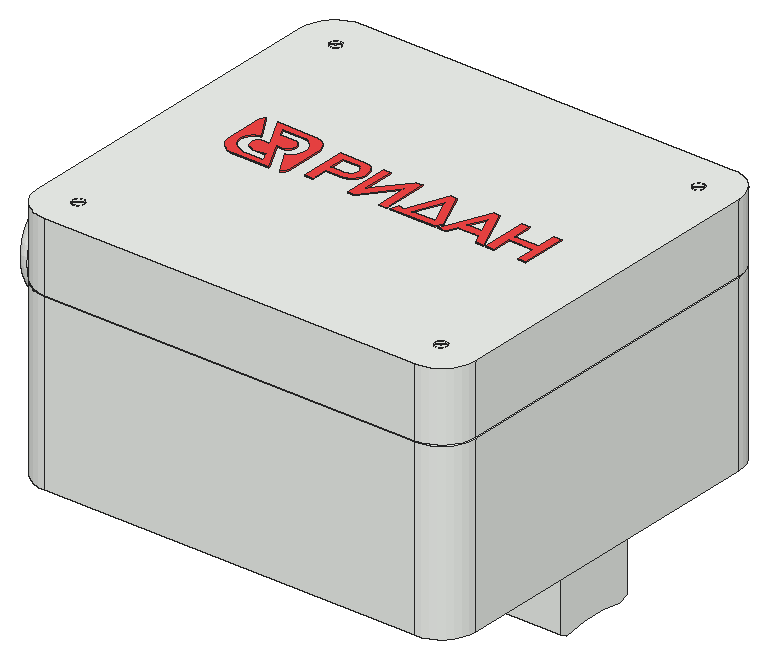
Revit family "РИДАН_Датчик температуры накладной MBT3381R", category Арматура трубопроводов, Revit 2019
Family settings
  Размер круглого соединителя = Использовать диаметр
  Тип детали = Нормальный
  На основе рабочей плоскости = Нет
  Всегда вертикально = Нет
  При загрузке вырезать с полостями = Нет
  Общий = Нет
Parameters (values of type "MBT3381R")
  Контакты_Производитель = "info@ridan.ru"  # constant formula
  ADSK_Наименование = "Датчик температуры накладной"
  ADSK_Масса_Текст = ""
  ADSK_Масса = 0
  ADSK_Марка = "MBT3381R"
  ADSK_Количество = 1  # constant formula
  ADSK_Код изделия = "097U1113R"
  ADSK_Завод-изготовитель = "ООО «Ридан-Трейд»"  # constant formula
  ADSK_Единица измерения = "шт."
  ADSK_Версия семейства = "1.0"  # constant formula
  ADSK_Версия Revit = "2019"  # constant formula
Reference planes
  plane 1 "По центру (Вперед/Назад)": y = 0
  plane 2: z = 0
  plane 3 "По центру (Влево/Вправо)": x = 0
  plane 4: x = -31.906
  plane 5: x = -31.906
  plane 6: x = -31.906
  plane 7: z = 22.884
Forms (mm)
  Extrusion 1, solid, material "Белый", detail levels fine
    sketch origin (0, 0, 9.884) x (1, 0, 0) y (0, 1, 0)
      loop
        line (-31.906, 23.9) -> (-31.906, -24.1)
        arc (-31.906, -24.1) -> (-30.441, -27.635) -> (-26.906, -29.1) r 5
        line (-26.906, -29.1) -> (27.094, -29.1)
        arc (27.094, -29.1) -> (30.63, -27.635) -> (32.094, -24.1) r 5
        line (32.094, -24.1) -> (32.094, 23.9)
        arc (32.094, 23.9) -> (30.63, 27.436) -> (27.094, 28.9) r 5
        line (27.094, 28.9) -> (-26.906, 28.9)
        arc (-26.906, 28.9) -> (-30.441, 27.436) -> (-31.906, 23.9) r 5
    from 25.5 to 35.5
  Extrusion 2, solid, material "Белый", detail levels fine
    sketch origin (0, 0, -15.616) x (1, 0, 0) y (0, 1, 0)
      loop
        line (-31.906, 23.9) -> (-31.906, -24.1)
        arc (-31.906, -24.1) -> (-30.441, -27.635) -> (-26.906, -29.1) r 5
        line (-26.906, -29.1) -> (27.094, -29.1)
        arc (27.094, -29.1) -> (30.63, -27.635) -> (32.094, -24.1) r 5
        line (32.094, -24.1) -> (32.094, 23.9)
        arc (32.094, 23.9) -> (30.63, 27.436) -> (27.094, 28.9) r 5
        line (27.094, 28.9) -> (-26.906, 28.9)
        arc (-26.906, 28.9) -> (-30.441, 27.436) -> (-31.906, 23.9) r 5
    from 25.5 to 50.8
  Extrusion 3, solid, detail levels fine
    sketch origin (0, 0, 9.884) x (1, 0, 0) y (0, 1, 0)
      loop
        arc (-26.906, 27.9) -> (-29.734, 26.729) -> (-30.906, 23.9) r 4
        line (-30.906, 23.9) -> (-30.906, -24.1)
        arc (-30.906, -24.1) -> (-29.734, -26.928) -> (-26.906, -28.1) r 4
        line (-26.906, -28.1) -> (27.094, -28.1)
        arc (27.094, -28.1) -> (29.923, -26.928) -> (31.094, -24.1) r 4
        line (31.094, -24.1) -> (31.094, 23.9)
        arc (31.094, 23.9) -> (29.923, 26.729) -> (27.094, 27.9) r 4
        line (27.094, 27.9) -> (-26.906, 27.9)
    from 24.5 to 25.5
  Revolve 4, solid, material "Сталь нержавеющая", detail levels fine
    sketch origin (0.594, 23.4, 9.884) x (1, 0, 0) y (0, 0, 1)
      loop
        line (-27, 34.5) -> (-27, 35.504)
        arc (-27, 35.504) -> (-28.651, 35.271) -> (-30.129, 34.5) r 4.909
        line (-30.129, 34.5) -> (-27, 34.5)
      axis (-27, 34.5) -> (-27, 35.504)
    angle from 0 to 360
  Revolve 5, solid, material "Сталь нержавеющая", detail levels fine
    sketch origin (53.594, 23.4, 9.884) x (1, 0, 0) y (0, 0, 1)
      loop
        line (-27, 34.5) -> (-27, 35.504)
        arc (-27, 35.504) -> (-28.651, 35.271) -> (-30.129, 34.5) r 4.909
        line (-30.129, 34.5) -> (-27, 34.5)
      axis (-27, 34.5) -> (-27, 35.504)
    angle from 0 to 360
  Revolve 6, solid, material "Сталь нержавеющая", detail levels fine
    sketch origin (53.594, -23.6, 9.884) x (1, 0, 0) y (0, 0, 1)
      loop
        line (-27, 34.5) -> (-27, 35.504)
        arc (-27, 35.504) -> (-28.651, 35.271) -> (-30.129, 34.5) r 4.909
        line (-30.129, 34.5) -> (-27, 34.5)
      axis (-27, 34.5) -> (-27, 35.504)
    angle from 0 to 360
  Revolve 7, solid, material "Сталь нержавеющая", detail levels fine
    sketch origin (0.594, -23.6, 9.884) x (1, 0, 0) y (0, 0, 1)
      loop
        line (-27, 34.5) -> (-27, 35.504)
        arc (-27, 35.504) -> (-28.651, 35.271) -> (-30.129, 34.5) r 4.909
        line (-30.129, 34.5) -> (-27, 34.5)
      axis (-27, 34.5) -> (-27, 35.504)
    angle from 0 to 360
  Extrusion 8, solid, material "Белый", detail levels fine
    sketch origin (0, 0, 9.884) x (0, 1, 0) y (0, 0, 1)
      loop
        line (6.75, 18.052) -> (1, 21.372)
        arc (1, 21.372) -> (0, 21.64) -> (-1, 21.372) r 2
        line (-1, 21.372) -> (-6.75, 18.052)
        arc (-6.75, 18.052) -> (-7.482, 17.32) -> (-7.75, 16.32) r 2
        line (-7.75, 16.32) -> (-7.75, 9.68)
        arc (-7.75, 9.68) -> (-7.482, 8.68) -> (-6.75, 7.948) r 2
        line (-6.75, 7.948) -> (-1, 4.628)
        arc (-1, 4.628) -> (0, 4.36) -> (1, 4.628) r 2
        line (1, 4.628) -> (6.75, 7.948)
        arc (6.75, 7.948) -> (7.482, 8.68) -> (7.75, 9.68) r 2
        line (7.75, 9.68) -> (7.75, 16.32)
        arc (7.75, 16.32) -> (7.482, 17.32) -> (6.75, 18.052) r 2
    from -36 to -31.906
  Extrusion 9, solid, material "Белый", detail levels fine
    sketch origin (0, 0, 9.884) x (0, 1, 0) y (0, 0, 1)
      loop
        arc (4.965, 19.6) -> (4.233, 20.332) -> (3.233, 20.6) r 2
        line (3.233, 20.6) -> (-3.233, 20.6)
        arc (-3.233, 20.6) -> (-4.233, 20.332) -> (-4.965, 19.6) r 2
        line (-4.965, 19.6) -> (-8.198, 14)
        arc (-8.198, 14) -> (-8.466, 13) -> (-8.198, 12) r 2
        line (-8.198, 12) -> (-4.965, 6.4)
        arc (-4.965, 6.4) -> (-4.233, 5.668) -> (-3.233, 5.4) r 2
        line (-3.233, 5.4) -> (3.233, 5.4)
        arc (3.233, 5.4) -> (4.233, 5.668) -> (4.965, 6.4) r 2
        line (4.965, 6.4) -> (8.198, 12)
        arc (8.198, 12) -> (8.398, 12.482) -> (8.466, 13) r 2
        arc (8.466, 13) -> (8.398, 13.518) -> (8.198, 14) r 2
        line (8.198, 14) -> (4.965, 19.6)
    from -45 to -36
  Revolve 10, solid, material "Белый", detail levels fine
    sketch origin (0, 0, 9.884) x (1, 0, 0) y (0, 0, 1)
      loop
        line (-49, 18.3) -> (-49, 15.526) -> (-45, 15.526) -> (-45, 20.6)
        arc (-45, 20.6) -> (-45.356, 20.379) -> (-45.768, 20.3) r 1.15
        line (-45.768, 20.3) -> (-47, 20.3)
        arc (-47, 20.3) -> (-48.414, 19.714) -> (-49, 18.3) r 2
      axis (-49, 13) -> (-45, 13)
    angle from 0 to 360
  Extrusion 11, solid, material "Красный", detail levels fine
    sketch origin (-31.653, -62.919, 22.75) x (1, 0, 0) y (0, 1, 0)
      loop
        line (11.467, 67.919) -> (13.847, 63.509) -> (12.993, 63.509)
        arc (12.993, 63.509) -> (12.29, 63.217) -> (11.998, 62.514) r 0.994
        arc (11.998, 62.514) -> (12.368, 61.623) -> (13.259, 61.254) r 1.261
        line (13.259, 61.254) -> (15.108, 61.254) -> (15.716, 60.109) -> (13.141, 60.109)
        arc (13.141, 60.109) -> (12.136, 60.288) -> (11.254, 60.8) r 2.923
        arc (11.254, 60.8) -> (10.612, 61.661) -> (10.55, 62.733) r 1.865
        arc (10.55, 62.733) -> (11.1, 63.712) -> (12.083, 64.256) r 2.055
        line (12.083, 64.256) -> (9.807, 67.919)
        arc (9.807, 67.919) -> (9.511, 67.44) -> (9.407, 66.887) r 1.532
        line (9.407, 66.887) -> (9.407, 61.686)
        arc (9.407, 61.686) -> (10.161, 59.865) -> (11.982, 59.111) r 2.574
        line (11.982, 59.111) -> (17.282, 59.111) -> (14.909, 63.509) -> (15.825, 63.509)
        arc (15.825, 63.509) -> (16.318, 63.745) -> (16.673, 64.162) r 1.316
        arc (16.673, 64.162) -> (16.786, 64.631) -> (16.673, 65.1) r 1.03
        arc (16.673, 65.1) -> (16.337, 65.556) -> (15.815, 65.777) r 1.072
        line (15.815, 65.777) -> (13.655, 65.777) -> (13.068, 66.881) -> (16.003, 66.881)
        arc (16.003, 66.881) -> (17.08, 66.558) -> (17.888, 65.777) r 2.377
        arc (17.888, 65.777) -> (18.205, 64.888) -> (18.112, 63.948) r 2.156
        arc (18.112, 63.948) -> (17.593, 63.143) -> (16.748, 62.691) r 1.911
        line (16.748, 62.691) -> (18.833, 59.22)
        arc (18.833, 59.22) -> (19.247, 59.579) -> (19.401, 60.105) r 0.972
        line (19.401, 60.105) -> (19.401, 65.299)
        arc (19.401, 65.299) -> (18.634, 67.152) -> (16.781, 67.919) r 2.62
        line (16.781, 67.919) -> (11.467, 67.919)
      loop
        line (21.612, 66.83) -> (21.612, 60.201) -> (22.766, 60.201) -> (22.766, 62.558) -> (25.097, 62.558)
        arc (25.097, 62.558) -> (26.115, 62.864) -> (26.837, 63.645) r 2.023
        arc (26.837, 63.645) -> (27.072, 64.943) -> (26.529, 66.147) r 2.223
        arc (26.529, 66.147) -> (25.877, 66.636) -> (25.085, 66.83) r 2.034
        line (25.085, 66.83) -> (21.612, 66.83)
      loop
        line (22.766, 65.785) -> (22.766, 63.5) -> (24.802, 63.5)
        arc (24.802, 63.5) -> (25.545, 63.87) -> (25.88, 64.629) r 1.223
        arc (25.88, 64.629) -> (25.592, 65.442) -> (24.802, 65.785) r 1.081
        line (24.802, 65.785) -> (22.766, 65.785)
      loop
        line (27.84, 66.83) -> (27.84, 60.201) -> (28.789, 60.201) -> (32.462, 64.824) -> (32.462, 60.201) -> (33.566, 60.201) -> (33.566, 66.83) -> (32.592, 66.83) -> (28.945, 62.194) -> (28.945, 66.83) -> (27.84, 66.83)
      loop
        line (34.003, 60.201) -> (40.59, 60.201) -> (41.038, 61.255) -> (38.59, 66.83) -> (37.7, 66.83) -> (35.261, 61.255) -> (34.451, 61.255) -> (34.003, 60.201)
      loop
        line (36.428, 61.255) -> (39.861, 61.255) -> (38.137, 65.186) -> (36.428, 61.255)
      loop
        line (43.962, 66.83) -> (41.047, 60.201) -> (42.231, 60.201) -> (42.869, 61.658) -> (45.904, 61.658) -> (46.541, 60.201) -> (47.75, 60.201) -> (44.852, 66.83) -> (43.962, 66.83)
      loop
        line (48.081, 66.83) -> (48.081, 60.201) -> (49.237, 60.201) -> (49.237, 63.013) -> (52.752, 63.013) -> (52.752, 60.201) -> (53.857, 60.201) -> (53.857, 66.83) -> (52.752, 66.83) -> (52.752, 64.067) -> (49.237, 64.067) -> (49.237, 66.83) -> (48.081, 66.83)
      loop
        line (43.329, 62.711) -> (45.444, 62.711) -> (44.371, 65.166) -> (43.329, 62.711)
    from 21.7 to 22.7
  Extrusion 12, solid, material "Белый", detail levels fine
    sketch origin (0, 0, 0) x (0, 1, 0) y (0, 0, 1)
      loop
        line (6, 0.767) -> (6, 9.884) -> (-6, 9.884) -> (-6, 0.767) -> (-4.885, 0.199)
        arc (-4.885, 0.199) -> (0, 0.805) -> (4.885, 0.199) r 20
        line (4.885, 0.199) -> (6, 0.767)
    from -30.106 to 29.976
Lines and regions (mm)
  reference lines
    curve 1: line (-26.406, -19.45, 9.884) -> (-26.406, -27.75, 9.884)
  model lines, detail levels coarse+medium
    curve 2: line (0, 0, 0) -> (0, 0, 31)
    curve 3: circle (0, 0, 61) r 30 normal (0, -1, 0)
    curve 4: line (0, 0, 41) -> (0, 0, 76)
    curve 5: line (-16.22, 0, 76) -> (13.78, 0, 76)
Dimensions and locks
  aligned and locked: level to plane 2
Nested families
  nested 1: "УГО_ЭУ_термометр" at (0, 0, 0), type "УГО_ЭУ_термометр"
    with УГО_Длина 100 mm, УГО_Высота 76.308 mm
Connectors
  electrical at (-31.906, 0, 22.884)
    settings: on plane 6, index 3, voltage 0 V, apparent load 0 VA, apparent load phase1 0 VA, apparent load phase2 0 VA, apparent load phase3 0 VA, power factor 1, load classification "Прочее", number of poles 1, system type 5, power factor state 1, is connector primary yes, connector utility no, sub classification motor no, connector description ""
Definition of nested family "УГО_ЭУ_термометр"
  Parameters (values of type "УГО_ЭУ_термометр")
    УГО_Длина [instance] = 100 mm
    УГО_Высота [instance] = УГО_Длина * 0.76308  # 76.308 mm
  Reference planes
    plane 1 "По центру (Вперед/Назад)": y = 0
    plane 2: z = 0
    plane 3 "По центру (Влево/Вправо)": x = 0
  Lines and regions (mm)
    detail lines, in view "Опорный уровень", detail levels coarse+medium
      curve 1: line (0, 0, 0) -> (0, 31, 0)
      curve 2: circle (0, 61, 0) r 30 normal (0, 0, 1)
      curve 3: line (0, 75.635, 59.779) -> (0, 40.139, 59.779)
      curve 4: line (-15, 75.635, 59.779) -> (15, 75.635, 59.779)
